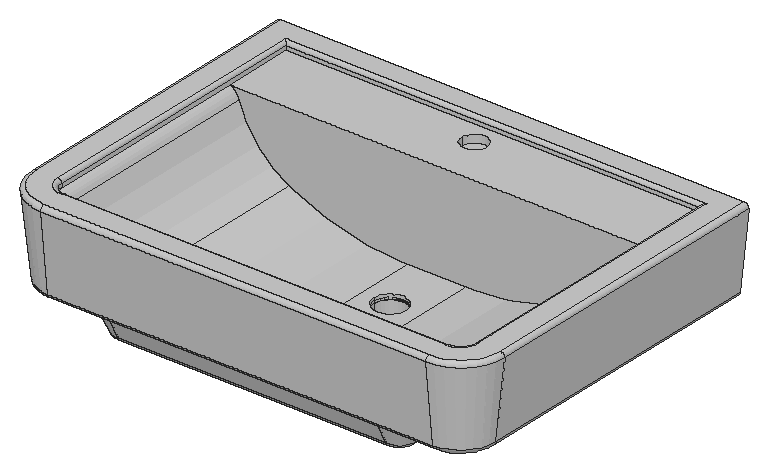
Revit family "NLRS_74_PF_UN_wastafel_S8310400000_SPHINX_BCB", category Plumbing Fixtures, Revit 2016
Family settings
  Part Type = Normal
  Round Connector Dimension = Use Radius
  OmniClass Number = 23.45.00.00
  OmniClass Title = Sanitary, Laundry, and Cleaning Equipment
  Work Plane-Based = No
  Always vertical = Yes
  Cut with Voids When Loaded = No
  Shared = No
  Room Calculation Point = No
Parameters
  NLRS_C_type = "Wastafel met kraangat en overloop"
  NLRS_C_serie = "320"
  NLRS_C_revit_versie = "2016"
  NLRS_C_content_versie = "2.0"
  NLRS_C_content_provider = "BouwConnect"
  NLRS_C_content_datum_uitgifte = "APR-2018"
  NLRS_C_content_datum_gewijzigd = "APR-2018"
  NLRS_C_content_creator = "BouwConnect"
  NLRS_C_URL_product_data = "http://www.sphinx.nl/producten/wastafels-%7C-fonteinen/wastafels/sphinx-320-%7C-wastafel-65-cm/28718/"
  afvoer_radius = 22.5 mm
  URL = "http://www.sphinx.nl/"
  Type Comments = ""
  NLRS_S_gewicht = 21.50 kg
  NLRS_C_materiaal = none
  NLRS_C_lengte = 480 mm
  NLRS_C_hoogte = 195 mm
  NLRS_C_diameter_uit = 45 mm
  NLRS_C_diameter_in = 35 mm
  NLRS_C_breedte = 650 mm
  Model = ""
  Manufacturer = "Sphinx"
  Keynote = ""
  IfcTypeProduct = "IfcSanitaryTerminalType"
  IfcExportType = "SINK"
  IfcExportAs = "IfcSanitaryTerminalTypeEnum"
  IfcElement = "IfcFlowTerminal"
  NLRS_C_code_EAN = "8711754407718"
  Description = "wastafel"
  NLRS_C_URL_BCB = "http://bcb-online.nl/?zoekterm=Sphinx+++%5bGeberit+B.V.%5d"
  Assembly Code = "47.11"
Reference planes
  plane 1 "Center (Front/Back)": y = 0
  plane 2: z = 0
  plane 3 "Center (Left/Right)": x = 0
Forms (mm)
  Sweep 1, solid, material "bcb_porselein", detail levels medium+fine
    path origin (0, 0, 0) x (1, 0, 0) y (0, 1, 0)
      loop
        line (-324.965, 0) -> (-324.965, -420)
        arc (-324.965, -420) -> (-307.392, -462.426) -> (-264.965, -480) r 60
        line (-264.965, -480) -> (265.035, -480)
        arc (265.035, -480) -> (307.461, -462.426) -> (325.035, -420) r 60
        line (325.035, -420) -> (325.035, 0)
    profile origin (-324.965, -210, 0) x (1, 0, 0) y (0, 0, 1)
      loop
        arc (6.022, 0) -> (1.76, -1.777) -> (0.023, -6.056) r 6
        arc (0.023, -6.056) -> (3.224, -60.155) -> (11.789, -113.667) r 544.353
        arc (11.789, -113.667) -> (14.579, -118.226) -> (19.616, -120.011) r 8
        line (19.616, -120.011) -> (40.016, -120.011) -> (40.016, -10) -> (30.016, -10) -> (30.016, 0) -> (6.022, 0)
  Extrusion 2, solid, material "bcb_porselein", detail levels medium+fine
    sketch origin (0, 0, 0) x (1, 0, 0) y (0, 1, 0)
      loop
        line (-284.949, -130) -> (285.019, -130) -> (285.019, 0) -> (-284.949, 0) -> (-284.949, -130)
    from -120.011 to -10
  Extrusion 3, void
    sketch origin (0, -50, 0) x (1, 0, 0) y (0, 1, 0)
      loop
        circle (0, -160) r 22.5
    from -210.292 to -76.605
  Revolve 4, solid, material "bcb_porselein", detail levels medium+fine
    sketch origin (0, -210, -24.836) x (1, 0, 0) y (0, 0, 1)
      loop
        line (-18.358, -165.164) -> (-18.358, -128.644) -> (-78.313, -128.644) -> (-43.03, -132.245)
        arc (-43.03, -132.245) -> (-37.594, -135.135) -> (-35.288, -140.843) r 9
        line (-35.288, -140.843) -> (-34.507, -163.215)
        arc (-34.507, -163.215) -> (-33.891, -164.597) -> (-32.488, -165.164) r 2.02
        line (-32.488, -165.164) -> (-18.358, -165.164)
      axis (0, -128.644) -> (0, -165.164)
    angle from 0 to 360
  Extrusion 5, solid, material "bcb_porselein", detail levels medium+fine
    sketch origin (1000, 0, 0) x (1, 0, 0) y (0, 0, 1)
      loop
        arc (-1040.336, -146.072) -> (-1124.643, -135.999) -> (-1204.205, -106.347) r 357.85
        arc (-1204.205, -106.347) -> (-1246.828, -72.289) -> (-1272.968, -24.399) r 138.335
        arc (-1272.968, -24.399) -> (-1278.285, -15.138) -> (-1287.04, -9.024) r 24.462
        line (-1287.04, -9.024) -> (-1287.04, -14.494)
        arc (-1287.04, -14.494) -> (-1281.909, -19.903) -> (-1278.127, -26.329) r 32.909
        arc (-1278.127, -26.329) -> (-1250.941, -75.944) -> (-1206.723, -111.237) r 143.835
        arc (-1206.723, -111.237) -> (-1125.939, -141.344) -> (-1040.336, -151.572) r 363.35
        line (-1040.336, -151.572) -> (-959.664, -151.572)
        arc (-959.664, -151.572) -> (-874.061, -141.344) -> (-793.277, -111.237) r 363.35
        arc (-793.277, -111.237) -> (-749.059, -75.944) -> (-721.873, -26.329) r 143.835
        arc (-721.873, -26.329) -> (-717.221, -18.797) -> (-710.729, -12.778) r 32.909
        line (-710.729, -12.778) -> (-713.461, -9.278)
        arc (-713.461, -9.278) -> (-721.899, -15.355) -> (-727.032, -24.399) r 24.354
        arc (-727.032, -24.399) -> (-753.172, -72.289) -> (-795.795, -106.347) r 138.335
        arc (-795.795, -106.347) -> (-875.357, -135.999) -> (-959.664, -146.072) r 357.85
        line (-959.664, -146.072) -> (-1040.336, -146.072)
    from 130 to 439.984
  Sweep 6, solid, material "bcb_porselein", detail levels medium+fine
    path origin (0, 0, 0) x (1, 0, 0) y (0, 1, 0)
      loop
        arc (-294.949, -420) -> (-286.167, -441.202) -> (-264.965, -449.984) r 29.984
        line (-264.965, -449.984) -> (265.035, -449.984)
        arc (265.035, -449.984) -> (286.236, -441.202) -> (295.019, -420) r 29.984
        line (295.019, -420) -> (295.019, -23) -> (-294.949, -23) -> (-294.949, -420)
    profile origin (-294.949, -221.5, 0) x (-1, 0, 0) y (0, 0, 1)
      loop
        line (0, 0) -> (-5, 0)
        arc (-5, 0) -> (-8.536, -1.464) -> (-10, -5) r 5
        line (-10, -5) -> (-10, -10) -> (0, -10) -> (0, 0)
  Extrusion 7, solid, material "bcb_porselein", detail levels medium+fine
    sketch origin (-1000, 0, 0) x (1, 0, 0) y (0, 1, 0)
      loop
        line (1295.019, -23) -> (1295.019, 0) -> (705.051, 0) -> (705.051, -23) -> (1295.019, -23)
    from -10 to 0
  Extrusion 8, solid, material "bcb_porselein", detail levels medium+fine
    sketch origin (-2000, 0, 0) x (1, 0, 0) y (0, 0, 1)
      loop
        arc (1774.847, -158.842) -> (1777.583, -163.581) -> (1782.725, -165.453) r 8
        line (1782.725, -165.453) -> (1808.288, -165.453)
        arc (1808.288, -165.453) -> (1812.533, -165.156) -> (1816.696, -164.271) r 30.505
        line (1816.696, -164.271) -> (1823.33, -162.369)
        arc (1823.33, -162.369) -> (1830.08, -160.934) -> (1836.964, -160.453) r 49.462
        line (1836.964, -160.453) -> (1864.284, -160.453)
        arc (1864.284, -160.453) -> (2000.035, -153.636) -> (2135.785, -160.453) r 1355
        line (2135.785, -160.453) -> (2163.106, -160.453)
        arc (2163.106, -160.453) -> (2169.99, -160.934) -> (2176.739, -162.369) r 49.462
        line (2176.739, -162.369) -> (2183.373, -164.271)
        arc (2183.373, -164.271) -> (2187.536, -165.156) -> (2191.782, -165.453) r 30.505
        line (2191.782, -165.453) -> (2217.344, -165.453)
        arc (2217.344, -165.453) -> (2222.486, -163.581) -> (2225.222, -158.842) r 8
        line (2225.222, -158.842) -> (2232.069, -120.011) -> (1768, -120.011) -> (1774.847, -158.842)
    from 0 to 20
  Sweep 9, solid, material "bcb_porselein", detail levels medium+fine
    path origin (0, 1.016, 0) x (1, 0, 0) y (0, 1, 0)
      loop
        line (219.519, -21.016) -> (219.519, -426)
        arc (219.519, -426) -> (209.267, -450.749) -> (184.519, -461) r 35
        line (184.519, -461) -> (-184.449, -461)
        arc (-184.449, -461) -> (-209.198, -450.749) -> (-219.449, -426) r 35
        line (-219.449, -426) -> (-219.449, -21.016)
    profile origin (-219.449, -222.492, 0) x (-1, 0, 0) y (0, 0, 1)
      loop
        line (1.537, -120.011) -> (-20, -120.011) -> (-20, -152.346) -> (-18.637, -152.346)
        arc (-18.637, -152.346) -> (-14.339, -151.093) -> (-11.387, -147.727) r 8
        line (-11.387, -147.727) -> (1.537, -120.011)
  Extrusion 10, solid, material "bcb_porselein", detail levels medium+fine
    sketch origin (5, 0, 0) x (1, 0, 0) y (0, 1, 0)
      loop
        arc (179.519, -439.984) -> (190.125, -435.59) -> (194.519, -424.984) r 15
        line (194.519, -424.984) -> (194.519, -20) -> (-204.449, -20) -> (-204.449, -424.984)
        arc (-204.449, -424.984) -> (-200.056, -435.59) -> (-189.449, -439.984) r 15
        line (-189.449, -439.984) -> (179.519, -439.984)
    from -152.346 to -150
  Extrusion 11, solid, material "bcb_porselein", detail levels medium+fine
    sketch origin (-25, 0, 0) x (1, 0, 0) y (0, 1, 0)
      loop
        arc (-259.949, -419.984) -> (-254.091, -434.126) -> (-239.949, -439.984) r 20
        line (-239.949, -439.984) -> (-164.949, -439.984) -> (-164.949, -97.023) -> (-259.949, -97.023) -> (-259.949, -419.984)
    from -120.011 to -118
  Extrusion 12, solid, material "bcb_porselein", detail levels medium+fine
    sketch origin (25.069, 0, 0) x (-1, 0, 0) y (0, -1, 0)
      loop
        line (-259.949, 419.984) -> (-259.949, 97.023) -> (-164.949, 97.023) -> (-164.949, 439.984) -> (-239.949, 439.984)
        arc (-239.949, 439.984) -> (-254.091, 434.126) -> (-259.949, 419.984) r 20
    from -120.011 to -118
  Extrusion 13, solid, not visible
    sketch origin (-22.5, -50, 0) x (1, 0, 0) y (0, 1, 0)
      loop
        circle (22.5, -160) r 22.5
    from -190 to -188
  Extrusion 14, solid, material "bcb_porselein", detail levels medium+fine
    sketch origin (0, 0, 0) x (1, 0, 0) y (0, 1, 0)
      loop
        line (199.519, -20) -> (-199.449, -20) -> (-199.449, -130) -> (199.519, -130) -> (199.519, -20)
    from -145.359 to -90
  Extrusion 15, void
    sketch origin (-1316.363, 0, 0) x (1, 0, 0) y (0, 1, 0)
      loop
        circle (1316.363, -65.012) r 17.478
    from -20 to 10
  Extrusion 16, solid, material "bcb_porselein", detail levels coarse
    sketch origin (0, 0, 0) x (1, 0, 0) y (0, 1, 0)
      loop
        line (-324.943, 0) -> (-324.943, -420)
        arc (-324.943, -420) -> (-307.369, -462.426) -> (-264.943, -480) r 60
        line (-264.943, -480) -> (265.012, -480)
        arc (265.012, -480) -> (307.439, -462.426) -> (325.012, -420) r 60
        line (325.012, -420) -> (325.012, 0) -> (-324.943, 0)
    from -120.011 to 0
  Extrusion 17, void
    sketch origin (0, 0, 0) x (1, 0, 0) y (0, 1, 0)
      loop
        line (-264.949, -439.984) -> (265.019, -439.984)
        arc (265.019, -439.984) -> (279.161, -434.126) -> (285.019, -419.984) r 20
        line (285.019, -419.984) -> (285.019, -130) -> (-284.949, -130) -> (-284.949, -419.984)
        arc (-284.949, -419.984) -> (-279.091, -434.126) -> (-264.949, -439.984) r 20
    from -80 to 10
Cuts and joins
  Extrusion 3 cuts Sweep 1
  Extrusion 3, Extrusion 15 cuts Extrusion 2
  Extrusion 3 cuts Extrusion 7
  Extrusion 3 cuts Extrusion 8
  Extrusion 3 cuts Extrusion 11
  Extrusion 3 cuts Extrusion 12
  joined: Sweep 1, Extrusion 2, Sweep 6, Extrusion 7, Extrusion 8, Extrusion 11, Extrusion 12, Extrusion 14
  Extrusion 3 cuts Revolve 4
  Extrusion 3 cuts Extrusion 5
  Extrusion 3 cuts Sweep 9
  Extrusion 3 cuts Extrusion 10
  joined: Sweep 9, Extrusion 10
  Extrusion 17 cuts Extrusion 16
Dimensions and locks
  aligned and locked: level to plane 2
Connectors
  piping at (0, -210, -190), diameter 45, driven by "afvoer_radius"
    settings: on cut or joined group of Extrusion 3, Revolve 4, index 1, connector inside diameter 45 mm, connector length 0 mm, flow factor 0, pipe flow 0.0 L/s, pressure drop 0.0 Pa, fitting loss kfactor 0, connector angle 0.00°, fixture units 0, engagement length 0 mm, angle of deflection 0.00°, flow configuration 3, flow direction 2, fitting loss method 0, system type 16, joint type 0, gender type 0, connector reference index -1, connector utility 0, adjustable connector no, is connector primary yes, connector description "out"
